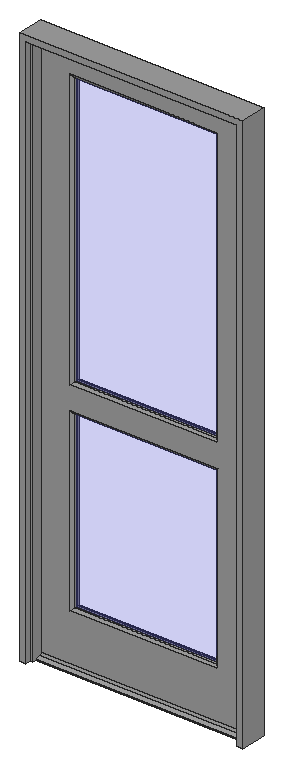
Revit family "WS-500 DOOR-VIP-0.25-CW_v04", category Curtain Panels, Revit 2015 (continued)
Definition of nested family "2.5x6-RTCIG CW-H8533-DHD-OHD SC-DI"
  Lines and regions (in)
    detail lines, in view "Ref. Level", detail levels fine
      curve 272: line (0.69296, -1.28833, 0) -> (0.67696, -1.28833, 0)
      curve 273: line (0.67696, -1.28833, 0) -> (0.66096, -1.28633, 0)
      curve 274: line (0.66096, -1.28633, 0) -> (0.62296, -1.28633, 0)
      curve 275: line (0.62296, -1.28633, 0) -> (0.60096, -1.28433, 0)
      curve 276: line (0.60096, -1.28433, 0) -> (0.56096, -1.28333, 0)
      curve 277: line (0.56096, -1.28333, 0) -> (0.54796, -1.28333, 0)
      curve 278: line (0.54796, -1.33833, 0) -> (0.57896, -1.33533, 0)
      curve 279: line (0.57896, -1.33533, 0) -> (0.61496, -1.33733, 0)
      curve 280: line (0.61496, -1.33733, 0) -> (0.65296, -1.33733, 0)
      curve 281: line (0.65296, -1.33733, 0) -> (0.67496, -1.33733, 0)
      curve 282: line (0.67496, -1.33733, 0) -> (0.69496, -1.33733, 0)
      curve 283: line (0.69496, -1.33733, 0) -> (0.70996, -1.33733, 0)
      curve 284: line (0.70996, -1.33733, 0) -> (0.72596, -1.33933, 0)
      curve 285: line (0.72596, -1.33933, 0) -> (0.73696, -1.33933, 0)
      curve 286: line (0.73696, -1.33933, 0) -> (0.74796, -1.33933, 0)
      curve 287: line (0.74796, -1.33933, 0) -> (0.75896, -1.33933, 0)
      curve 288: line (0.75896, -1.33933, 0) -> (0.77696, -1.33733, 0)
      curve 289: line (0.78096, -1.41933, 0) -> (0.78096, -1.15933, 0)
    detail lines, in view "Ref. Level", detail levels medium
      curve 290: arc (1.65506, -0.328, 0) -> (1.67791, -0.38315, 0) -> (1.73306, -0.406, 0) r 0.078
      curve 291: arc (0.20206, -0.406, 0) -> (0.25722, -0.38315, 0) -> (0.28006, -0.328, 0) r 0.078
      curve 292: arc (0.68756, -1.173, 0) -> (0.71506, -1.2005, 0) -> (0.74256, -1.173, 0) r 0.0275
      curve 293: arc (0.74256, -1.408, 0) -> (0.71506, -1.3805, 0) -> (0.68756, -1.408, 0) r 0.0275
      curve 294: arc (2.00056, -1, 0) -> (1.96239, -1.07442, 0) -> (2.04511, -1.062, 0) r 0.047
      curve 295: arc (0.95295, -1.053, 0) -> (1.03486, -1.07804, 0) -> (0.99956, -1, 0) r 0.047
      curve 296: line (1.73306, -0.406, 0) -> (1.98306, -0.406, 0)
      curve 297: line (1.98306, -0.406, 0) -> (1.98306, -0.375, 0)
      curve 298: line (1.98306, -0.375, 0) -> (3.09256, -0.375, 0)
      curve 299: line (3.09256, -0.375, 0) -> (3.09256, -0.875, 0)
      curve 300: line (3.09256, -0.875, 0) -> (-1.15744, -0.875, 0)
      curve 301: line (-1.15744, -0.875, 0) -> (-1.15744, -0.375, 0)
      curve 302: line (-1.15744, -0.375, 0) -> (-0.04794, -0.375, 0)
      curve 303: line (-0.04794, -0.375, 0) -> (-0.04794, -0.406, 0)
      curve 304: line (-0.04794, -0.406, 0) -> (0.20206, -0.406, 0)
      curve 305: line (0.28006, -0.328, 0) -> (0.03006, -0.328, 0)
      curve 306: line (0.03006, -0.328, 0) -> (0.03006, -0.25, 0)
      curve 307: line (0.03006, -0.25, 0) -> (-1.28244, -0.25, 0)
      curve 308: line (-1.28244, -0.25, 0) -> (-1.28244, -1, 0)
      curve 309: line (-1.28244, -1, 0) -> (3.21756, -1, 0)
      curve 310: line (3.21756, -1, 0) -> (3.21756, -0.25, 0)
      curve 311: line (3.21756, -0.25, 0) -> (1.90506, -0.25, 0)
      curve 312: line (1.90506, -0.25, 0) -> (1.90506, -0.328, 0)
      curve 313: line (1.90506, -0.328, 0) -> (1.65506, -0.328, 0)
      curve 314: line (0.74256, -1.173, 0) -> (0.74256, -1.143, 0)
      curve 315: line (0.74256, -1.143, 0) -> (0.79756, -1.143, 0)
      curve 316: line (0.79756, -1.143, 0) -> (0.79756, -1.438, 0)
      curve 317: line (0.79756, -1.438, 0) -> (0.74256, -1.438, 0)
      curve 318: line (0.74256, -1.438, 0) -> (0.74256, -1.408, 0)
      curve 319: line (0.68756, -1.408, 0) -> (0.68756, -1.5, 0)
      curve 320: line (0.68756, -1.5, 0) -> (2.31256, -1.5, 0)
      curve 321: line (2.31256, -1.5, 0) -> (2.31256, -1, 0)
      curve 322: line (2.31256, -1, 0) -> (2.00056, -1, 0)
      curve 323: line (2.04511, -1.062, 0) -> (2.25056, -1.062, 0)
      curve 324: line (2.25056, -1.062, 0) -> (2.25056, -1.438, 0)
      curve 325: line (2.25056, -1.438, 0) -> (0.85956, -1.438, 0)
      curve 326: line (0.85956, -1.438, 0) -> (0.85956, -1.053, 0)
      curve 327: line (0.85956, -1.053, 0) -> (0.95295, -1.053, 0)
      curve 328: line (0.99956, -1, 0) -> (0.79756, -1, 0)
      curve 329: line (0.79756, -1, 0) -> (0.79756, -1.081, 0)
      curve 330: line (0.79756, -1.081, 0) -> (0.74256, -1.081, 0)
      curve 331: line (0.74256, -1.081, 0) -> (0.74256, -1, 0)
      curve 332: line (0.74256, -1, 0) -> (0.68756, -1, 0)
      curve 333: line (0.68756, -1, 0) -> (0.68756, -1.173, 0)
      curve 334: line (-1.28244, 0, 0) -> (-1.28244, -1, 0)
      curve 335: line (-1.28244, -1, 0) -> (0.68756, -1, 0)
      curve 336: line (0.68756, -1, 0) -> (0.68756, -1.5, 0)
      curve 337: line (0.68756, -1.5, 0) -> (2.31256, -1.5, 0)
      curve 338: line (2.31256, -1.5, 0) -> (2.31256, -1, 0)
      curve 339: line (2.31256, -1, 0) -> (3.21756, -1, 0)
      curve 340: line (3.21756, -1, 0) -> (3.21756, 0, 0)
      curve 341: line (3.21756, 0, 0) -> (-1.28244, 0, 0)
    detail lines, in view "Ref. Level", not visible, detail levels fine
      curve 342: arc (1.65506, -0.328, 0) -> (1.67791, -0.38315, 0) -> (1.73306, -0.406, 0) r 0.078
      curve 343: arc (0.20206, -0.406, 0) -> (0.25722, -0.38315, 0) -> (0.28006, -0.328, 0) r 0.078
      curve 344: arc (0.68756, -1.173, 0) -> (0.71506, -1.2005, 0) -> (0.74256, -1.173, 0) r 0.0275
      curve 345: arc (0.74256, -1.408, 0) -> (0.71506, -1.3805, 0) -> (0.68756, -1.408, 0) r 0.0275
      curve 346: arc (2.00056, -1, 0) -> (1.96239, -1.07442, 0) -> (2.04511, -1.062, 0) r 0.047
      curve 347: arc (0.95295, -1.053, 0) -> (1.03486, -1.07804, 0) -> (0.99956, -1, 0) r 0.047
      curve 348: line (1.73306, -0.406, 0) -> (1.98306, -0.406, 0)
      curve 349: line (1.98306, -0.406, 0) -> (1.98306, -0.375, 0)
      curve 350: line (1.98306, -0.375, 0) -> (3.09256, -0.375, 0)
      curve 351: line (3.09256, -0.375, 0) -> (3.09256, -0.875, 0)
      curve 352: line (3.09256, -0.875, 0) -> (-1.15744, -0.875, 0)
      curve 353: line (-1.15744, -0.875, 0) -> (-1.15744, -0.375, 0)
      curve 354: line (-1.15744, -0.375, 0) -> (-0.04794, -0.375, 0)
      curve 355: line (-0.04794, -0.375, 0) -> (-0.04794, -0.406, 0)
      curve 356: line (-0.04794, -0.406, 0) -> (0.20206, -0.406, 0)
      curve 357: line (0.28006, -0.328, 0) -> (0.03006, -0.328, 0)
      curve 358: line (0.03006, -0.328, 0) -> (0.03006, -0.25, 0)
      curve 359: line (0.03006, -0.25, 0) -> (-1.28244, -0.25, 0)
      curve 360: line (-1.28244, -0.25, 0) -> (-1.28244, -1, 0)
      curve 361: line (-1.28244, -1, 0) -> (3.21756, -1, 0)
      curve 362: line (3.21756, -1, 0) -> (3.21756, -0.25, 0)
      curve 363: line (3.21756, -0.25, 0) -> (1.90506, -0.25, 0)
      curve 364: line (1.90506, -0.25, 0) -> (1.90506, -0.328, 0)
      curve 365: line (1.90506, -0.328, 0) -> (1.65506, -0.328, 0)
      curve 366: line (0.74256, -1.173, 0) -> (0.74256, -1.143, 0)
      curve 367: line (0.74256, -1.143, 0) -> (0.79756, -1.143, 0)
      curve 368: line (0.79756, -1.143, 0) -> (0.79756, -1.438, 0)
      curve 369: line (0.79756, -1.438, 0) -> (0.74256, -1.438, 0)
      curve 370: line (0.74256, -1.438, 0) -> (0.74256, -1.408, 0)
      curve 371: line (0.68756, -1.408, 0) -> (0.68756, -1.5, 0)
      curve 372: line (0.68756, -1.5, 0) -> (2.31256, -1.5, 0)
      curve 373: line (2.31256, -1.5, 0) -> (2.31256, -1, 0)
      curve 374: line (2.31256, -1, 0) -> (2.00056, -1, 0)
      curve 375: line (2.04511, -1.062, 0) -> (2.25056, -1.062, 0)
      curve 376: line (2.25056, -1.062, 0) -> (2.25056, -1.438, 0)
      curve 377: line (2.25056, -1.438, 0) -> (0.85956, -1.438, 0)
      curve 378: line (0.85956, -1.438, 0) -> (0.85956, -1.053, 0)
      curve 379: line (0.85956, -1.053, 0) -> (0.95295, -1.053, 0)
      curve 380: line (0.99956, -1, 0) -> (0.79756, -1, 0)
      curve 381: line (0.79756, -1, 0) -> (0.79756, -1.081, 0)
      curve 382: line (0.79756, -1.081, 0) -> (0.74256, -1.081, 0)
      curve 383: line (0.74256, -1.081, 0) -> (0.74256, -1, 0)
      curve 384: line (0.74256, -1, 0) -> (0.68756, -1, 0)
      curve 385: line (0.68756, -1, 0) -> (0.68756, -1.173, 0)
      curve 386: line (-1.28244, 0, 0) -> (-1.28244, -1, 0)
      curve 387: line (-1.28244, -1, 0) -> (0.68756, -1, 0)
      curve 388: line (0.68756, -1, 0) -> (0.68756, -1.5, 0)
      curve 389: line (0.68756, -1.5, 0) -> (2.31256, -1.5, 0)
      curve 390: line (2.31256, -1.5, 0) -> (2.31256, -1, 0)
      curve 391: line (2.31256, -1, 0) -> (3.21756, -1, 0)
      curve 392: line (3.21756, -1, 0) -> (3.21756, 0, 0)
      curve 393: line (3.21756, 0, 0) -> (-1.28244, 0, 0)
      curve 394: arc (-1.28244, -0.25, 0) -> (-1.26095, -0.125, 0) -> (-1.28244, 0, 0) r 0.37439
      curve 395: arc (3.21756, 0, 0) -> (3.19608, -0.125, 0) -> (3.21756, -0.25, 0) r 0.37439
      curve 396: arc (1.95497, -1.14175, 0) -> (1.95619, -1.1362, 0) -> (1.95482, -1.13068, 0) r 0.0125
      curve 397: arc (1.98284, -1.14139, 0) -> (1.98406, -1.13584, 0) -> (1.9827, -1.13032, 0) r 0.0125
      curve 398: arc (1.01743, -1.13032, 0) -> (1.01607, -1.13584, 0) -> (1.01729, -1.14139, 0) r 0.0125
      curve 399: arc (1.0453, -1.13068, 0) -> (1.04394, -1.1362, 0) -> (1.04516, -1.14175, 0) r 0.0125
      curve 400: arc (1.10681, -1.025, 0) -> (1.10028, -1.02684, 0) -> (1.09567, -1.03182, 0) r 0.0125
      curve 401: arc (1.90446, -1.03183, 0) -> (1.89985, -1.02684, 0) -> (1.89332, -1.025, 0) r 0.0125
      curve 402: line (-1.03244, -0.25, 0) -> (-1.03244, 0, 0)
      curve 403: line (-1.03244, 0, 0) -> (2.96756, 0, 0)
      curve 404: line (2.96756, 0, 0) -> (2.96756, -0.25, 0)
      curve 405: line (2.96756, -0.25, 0) -> (-1.03244, -0.25, 0)
      curve 406: line (-1.03244, -0.25, 0) -> (2.96756, 0, 0)
      curve 407: line (-1.03244, 0, 0) -> (2.96756, -0.25, 0)
      curve 408: line (1.95497, -1.14175, 0) -> (1.89789, -1.26122, 0)
      curve 409: line (1.89789, -1.26122, 0) -> (1.92045, -1.272, 0)
      curve 410: line (1.92045, -1.272, 0) -> (1.98284, -1.14139, 0)
      curve 411: line (1.9827, -1.13032, 0) -> (1.92904, -1.025, 0)
      curve 412: line (1.92904, -1.025, 0) -> (1.95506, -1.025, 0)
      curve 413: line (1.95506, -1.025, 0) -> (1.95506, -1, 0)
      curve 414: line (1.95506, -1, 0) -> (1.04506, -1, 0)
      curve 415: line (1.04506, -1, 0) -> (1.04506, -1.025, 0)
      curve 416: line (1.04506, -1.025, 0) -> (1.07109, -1.025, 0)
      curve 417: line (1.07109, -1.025, 0) -> (1.01743, -1.13032, 0)
      curve 418: line (1.01729, -1.14139, 0) -> (1.07968, -1.272, 0)
      curve 419: line (1.07968, -1.272, 0) -> (1.10224, -1.26122, 0)
      curve 420: line (1.10224, -1.26122, 0) -> (1.04516, -1.14175, 0)
      curve 421: line (1.0453, -1.13068, 0) -> (1.09567, -1.03182, 0)
      curve 422: line (1.10681, -1.025, 0) -> (1.89332, -1.025, 0)
      curve 423: line (1.90446, -1.03183, 0) -> (1.95482, -1.13068, 0)
      curve 424: line (0.54796, -1.18033, 0) -> (0.56296, -1.18633, 0)
      curve 425: line (0.56296, -1.18633, 0) -> (0.57696, -1.19533, 0)
      curve 426: line (0.57696, -1.19533, 0) -> (0.60296, -1.19933, 0)
      curve 427: line (0.60296, -1.19933, 0) -> (0.62096, -1.20333, 0)
      curve 428: line (0.62096, -1.20333, 0) -> (0.65696, -1.20433, 0)
      curve 429: line (0.65696, -1.20433, 0) -> (0.67296, -1.20633, 0)
      curve 430: line (0.67296, -1.20633, 0) -> (0.69296, -1.20833, 0)
      curve 431: line (0.69296, -1.20833, 0) -> (0.69696, -1.21433, 0)
      curve 432: line (0.69696, -1.21433, 0) -> (0.70996, -1.20833, 0)
      curve 433: line (0.70996, -1.20833, 0) -> (0.69696, -1.21433, 0)
      curve 434: line (0.55396, -1.35233, 0) -> (0.58296, -1.35233, 0)
      curve 435: line (0.58296, -1.35233, 0) -> (0.60796, -1.35233, 0)
      curve 436: line (0.60796, -1.35233, 0) -> (0.62496, -1.35433, 0)
      curve 437: line (0.62496, -1.35433, 0) -> (0.65696, -1.35433, 0)
      curve 438: line (0.65696, -1.35433, 0) -> (0.67696, -1.35533, 0)
      curve 439: line (0.67696, -1.35533, 0) -> (0.70396, -1.36133, 0)
      curve 440: line (0.70396, -1.36133, 0) -> (0.67496, -1.36433, 0)
      curve 441: line (0.67496, -1.36433, 0) -> (0.68996, -1.37033, 0)
      curve 442: line (0.68996, -1.37033, 0) -> (0.67296, -1.36633, 0)
      curve 443: line (0.67296, -1.36633, 0) -> (0.65096, -1.36833, 0)
      curve 444: line (0.65096, -1.36833, 0) -> (0.58796, -1.37733, 0)
      curve 445: line (0.58796, -1.37733, 0) -> (0.60596, -1.37733, 0)
      curve 446: line (0.60596, -1.37733, 0) -> (0.61696, -1.37533, 0)
      curve 447: line (0.61696, -1.37533, 0) -> (0.63196, -1.37433, 0)
      curve 448: line (0.63196, -1.37433, 0) -> (0.65896, -1.37233, 0)
      curve 449: line (0.65896, -1.37233, 0) -> (0.67896, -1.37033, 0)
      curve 450: line (0.67896, -1.37033, 0) -> (0.65296, -1.36633, 0)
      curve 451: line (0.65296, -1.36633, 0) -> (0.62296, -1.36633, 0)
      curve 452: line (0.62296, -1.36633, 0) -> (0.58996, -1.36433, 0)
      curve 453: line (0.58996, -1.36433, 0) -> (0.54796, -1.36933, 0)
      curve 454: line (0.57196, -1.38433, 0) -> (0.58996, -1.38133, 0)
      curve 455: line (0.58996, -1.38133, 0) -> (0.54796, -1.38833, 0)
      curve 456: line (0.54796, -1.38833, 0) -> (0.57196, -1.38433, 0)
      curve 457: line (0.54996, -1.24133, 0) -> (0.56796, -1.23933, 0)
      curve 458: line (0.56796, -1.23933, 0) -> (0.58096, -1.23733, 0)
      curve 459: line (0.58096, -1.23733, 0) -> (0.59396, -1.23533, 0)
      curve 460: line (0.59396, -1.23533, 0) -> (0.61496, -1.23533, 0)
      curve 461: line (0.61496, -1.23533, 0) -> (0.62796, -1.23533, 0)
      curve 462: line (0.62796, -1.23533, 0) -> (0.65696, -1.23733, 0)
      curve 463: line (0.65696, -1.23733, 0) -> (0.67096, -1.23733, 0)
      curve 464: line (0.67096, -1.23733, 0) -> (0.67896, -1.23933, 0)
      curve 465: line (0.67896, -1.23933, 0) -> (0.69696, -1.24133, 0)
      curve 466: line (0.69696, -1.24133, 0) -> (0.71096, -1.24433, 0)
      curve 467: line (0.71096, -1.24433, 0) -> (0.72796, -1.25233, 0)
      curve 468: line (0.72796, -1.25233, 0) -> (0.74196, -1.25233, 0)
      curve 469: line (0.74196, -1.25233, 0) -> (0.72596, -1.24433, 0)
      curve 470: line (0.72596, -1.24433, 0) -> (0.71096, -1.25033, 0)
      curve 471: line (0.71096, -1.25033, 0) -> (0.70196, -1.25033, 0)
      curve 472: line (0.70196, -1.25033, 0) -> (0.68596, -1.25033, 0)
      curve 473: line (0.68596, -1.25033, 0) -> (0.67096, -1.24633, 0)
      curve 474: line (0.67096, -1.24633, 0) -> (0.65496, -1.24633, 0)
      curve 475: line (0.65496, -1.24633, 0) -> (0.62296, -1.24633, 0)
      curve 476: line (0.62296, -1.24633, 0) -> (0.60596, -1.24633, 0)
      curve 477: line (0.60596, -1.24633, 0) -> (0.59396, -1.24633, 0)
      curve 478: line (0.59396, -1.24633, 0) -> (0.54796, -1.25433, 0)
      curve 479: line (0.54996, -1.20833, 0) -> (0.56096, -1.20833, 0)
      curve 480: line (0.56096, -1.20833, 0) -> (0.58096, -1.20833, 0)
      curve 481: line (0.58096, -1.20833, 0) -> (0.59196, -1.20633, 0)
      curve 482: line (0.59196, -1.20633, 0) -> (0.59896, -1.20633, 0)
      curve 483: line (0.59896, -1.20633, 0) -> (0.60596, -1.20833, 0)
      curve 484: line (0.60596, -1.20833, 0) -> (0.62296, -1.21433, 0)
      curve 485: line (0.62296, -1.21433, 0) -> (0.65496, -1.21233, 0)
      curve 486: line (0.65496, -1.21233, 0) -> (0.66196, -1.21033, 0)
      curve 487: line (0.66196, -1.21033, 0) -> (0.67096, -1.21233, 0)
      curve 488: line (0.67096, -1.21233, 0) -> (0.68096, -1.21233, 0)
      curve 489: line (0.68096, -1.21233, 0) -> (0.68996, -1.21233, 0)
      curve 490: line (0.74596, -1.21033, 0) -> (0.73496, -1.21033, 0)
      curve 491: line (0.73496, -1.21033, 0) -> (0.74196, -1.21033, 0)
      curve 492: line (0.74196, -1.21033, 0) -> (0.75296, -1.21033, 0)
      curve 493: line (0.75296, -1.21033, 0) -> (0.76396, -1.21033, 0)
      curve 494: line (0.76396, -1.21033, 0) -> (0.77496, -1.20633, 0)
      curve 495: line (0.77896, -1.20633, 0) -> (0.76796, -1.20633, 0)
      curve 496: line (0.76796, -1.20633, 0) -> (0.76096, -1.20633, 0)
      curve 497: line (0.76096, -1.20633, 0) -> (0.75296, -1.20833, 0)
      curve 498: line (0.75296, -1.20833, 0) -> (0.74596, -1.21033, 0)
      curve 499: line (0.78096, -1.27033, 0) -> (0.76996, -1.27233, 0)
      curve 500: line (0.76996, -1.27233, 0) -> (0.75496, -1.27433, 0)
      curve 501: line (0.75496, -1.27433, 0) -> (0.74396, -1.27433, 0)
      curve 502: line (0.74396, -1.27433, 0) -> (0.73496, -1.27433, 0)
      curve 503: line (0.73496, -1.27433, 0) -> (0.71496, -1.27433, 0)
      curve 504: line (0.71496, -1.27433, 0) -> (0.69696, -1.27433, 0)
      curve 505: line (0.69696, -1.27433, 0) -> (0.67496, -1.27033, 0)
      curve 506: line (0.67496, -1.27033, 0) -> (0.65696, -1.27033, 0)
      curve 507: line (0.65696, -1.27033, 0) -> (0.60996, -1.27033, 0)
      curve 508: line (0.60996, -1.27033, 0) -> (0.57396, -1.27033, 0)
      curve 509: line (0.57396, -1.27033, 0) -> (0.54796, -1.26833, 0)
      curve 510: line (0.54796, -1.26133, 0) -> (0.56796, -1.26133, 0)
      curve 511: line (0.56796, -1.26133, 0) -> (0.59696, -1.26133, 0)
      curve 512: line (0.59696, -1.26133, 0) -> (0.62496, -1.26133, 0)
      curve 513: line (0.62496, -1.26133, 0) -> (0.66796, -1.26333, 0)
      curve 514: line (0.66796, -1.26333, 0) -> (0.70096, -1.26433, 0)
      curve 515: line (0.70096, -1.26433, 0) -> (0.71896, -1.26333, 0)
      curve 516: line (0.71896, -1.26333, 0) -> (0.73296, -1.26333, 0)
      curve 517: line (0.73296, -1.26333, 0) -> (0.75096, -1.26333, 0)
      curve 518: line (0.75096, -1.26333, 0) -> (0.76096, -1.26333, 0)
      curve 519: line (0.76096, -1.26333, 0) -> (0.76796, -1.26333, 0)
      curve 520: line (0.76796, -1.26333, 0) -> (0.78096, -1.26333, 0)
      curve 521: line (0.78096, -1.25133, 0) -> (0.76996, -1.25033, 0)
      curve 522: line (0.76996, -1.25033, 0) -> (0.76196, -1.25033, 0)
      curve 523: line (0.76196, -1.25033, 0) -> (0.75096, -1.25233, 0)
      curve 524: line (0.75096, -1.25233, 0) -> (0.74196, -1.25233, 0)
      curve 525: line (0.74196, -1.25233, 0) -> (0.74996, -1.24833, 0)
      curve 526: line (0.74996, -1.24833, 0) -> (0.76396, -1.24633, 0)
      curve 527: line (0.76396, -1.24633, 0) -> (0.77496, -1.24333, 0)
      curve 528: line (0.76996, -1.22433, 0) -> (0.75496, -1.22433, 0)
      curve 529: line (0.75496, -1.22433, 0) -> (0.74196, -1.22633, 0)
      curve 530: line (0.74196, -1.22633, 0) -> (0.73296, -1.22633, 0)
      curve 531: line (0.73296, -1.22633, 0) -> (0.70996, -1.22433, 0)
      curve 532: line (0.70996, -1.22433, 0) -> (0.69896, -1.22333, 0)
      curve 533: line (0.69896, -1.22333, 0) -> (0.67696, -1.22433, 0)
      curve 534: line (0.67696, -1.22433, 0) -> (0.65296, -1.22333, 0)
      curve 535: line (0.65296, -1.22333, 0) -> (0.62296, -1.22333, 0)
      curve 536: line (0.62296, -1.22333, 0) -> (0.59896, -1.22133, 0)
      curve 537: line (0.59896, -1.22133, 0) -> (0.58096, -1.22133, 0)
      curve 538: line (0.58096, -1.22133, 0) -> (0.56096, -1.22133, 0)
      curve 539: line (0.56096, -1.22133, 0) -> (0.54796, -1.22233, 0)
      curve 540: line (0.73496, -1.21033, 0) -> (0.71896, -1.21233, 0)
      curve 541: line (0.71896, -1.21233, 0) -> (0.70996, -1.20833, 0)
      curve 542: line (0.70996, -1.20833, 0) -> (0.72396, -1.20833, 0)
      curve 543: line (0.72396, -1.20833, 0) -> (0.73296, -1.21233, 0)
      curve 544: line (0.73296, -1.37433, 0) -> (0.74396, -1.37433, 0)
      curve 545: line (0.74396, -1.37433, 0) -> (0.76096, -1.37433, 0)
      curve 546: line (0.76096, -1.37433, 0) -> (0.77296, -1.37433, 0)
      curve 547: line (0.78096, -1.37033, 0) -> (0.77096, -1.37033, 0)
      curve 548: line (0.77096, -1.37033, 0) -> (0.75496, -1.37033, 0)
      curve 549: line (0.75496, -1.37033, 0) -> (0.74796, -1.36833, 0)
      curve 550: line (0.74796, -1.36833, 0) -> (0.74096, -1.36833, 0)
      curve 551: line (0.74096, -1.36833, 0) -> (0.72996, -1.36633, 0)
      curve 552: line (0.72996, -1.36633, 0) -> (0.71496, -1.36633, 0)
      curve 553: line (0.71496, -1.36633, 0) -> (0.70396, -1.36633, 0)
      curve 554: line (0.70396, -1.36633, 0) -> (0.68996, -1.37033, 0)
      curve 555: line (0.68996, -1.37033, 0) -> (0.70596, -1.37233, 0)
      curve 556: line (0.70596, -1.37233, 0) -> (0.72096, -1.37233, 0)
      curve 557: line (0.72096, -1.37233, 0) -> (0.73296, -1.37433, 0)
      curve 558: line (0.75896, -1.35433, 0) -> (0.74796, -1.35033, 0)
      curve 559: line (0.74796, -1.35033, 0) -> (0.76396, -1.34633, 0)
      curve 560: line (0.76396, -1.34633, 0) -> (0.77296, -1.34633, 0)
      curve 561: line (0.77296, -1.34633, 0) -> (0.78096, -1.34833, 0)
      curve 562: line (0.78096, -1.34833, 0) -> (0.77296, -1.35433, 0)
      curve 563: line (0.77296, -1.35433, 0) -> (0.76596, -1.35433, 0)
      curve 564: line (0.76596, -1.35433, 0) -> (0.75896, -1.35433, 0)
      curve 565: line (0.54796, -1.31033, 0) -> (0.55896, -1.31033, 0)
      curve 566: line (0.55896, -1.31033, 0) -> (0.58796, -1.30833, 0)
      curve 567: line (0.58796, -1.30833, 0) -> (0.61496, -1.30833, 0)
      curve 568: line (0.61496, -1.30833, 0) -> (0.62796, -1.30833, 0)
      curve 569: line (0.62796, -1.30833, 0) -> (0.66196, -1.31033, 0)
      curve 570: line (0.66196, -1.31033, 0) -> (0.68096, -1.31233, 0)
      curve 571: line (0.68096, -1.31233, 0) -> (0.69896, -1.31433, 0)
      curve 572: line (0.69896, -1.31433, 0) -> (0.72096, -1.31433, 0)
      curve 573: line (0.72096, -1.31433, 0) -> (0.73696, -1.31433, 0)
      curve 574: line (0.73696, -1.31433, 0) -> (0.75896, -1.31433, 0)
      curve 575: line (0.75896, -1.31433, 0) -> (0.76596, -1.31433, 0)
      curve 576: line (0.76596, -1.31433, 0) -> (0.77896, -1.31033, 0)
      curve 577: line (0.54796, -1.32333, 0) -> (0.57896, -1.32133, 0)
      curve 578: line (0.57896, -1.32133, 0) -> (0.60496, -1.31933, 0)
      curve 579: line (0.60496, -1.31933, 0) -> (0.61896, -1.31933, 0)
      curve 580: line (0.61896, -1.31933, 0) -> (0.66196, -1.31933, 0)
      curve 581: line (0.66196, -1.31933, 0) -> (0.67696, -1.32133, 0)
      curve 582: line (0.67696, -1.32133, 0) -> (0.70096, -1.32133, 0)
      curve 583: line (0.70096, -1.32133, 0) -> (0.71496, -1.32133, 0)
      curve 584: line (0.71496, -1.32133, 0) -> (0.73496, -1.32133, 0)
      curve 585: line (0.73496, -1.32133, 0) -> (0.75096, -1.32333, 0)
      curve 586: line (0.75096, -1.32333, 0) -> (0.76196, -1.32433, 0)
      curve 587: line (0.76196, -1.32433, 0) -> (0.77096, -1.32433, 0)
      curve 588: line (0.77096, -1.32433, 0) -> (0.78096, -1.32433, 0)
      curve 589: line (0.73296, -1.35433, 0) -> (0.74796, -1.35433, 0)
      curve 590: line (0.74796, -1.35433, 0) -> (0.72596, -1.35733, 0)
      curve 591: line (0.72596, -1.35733, 0) -> (0.73296, -1.35433, 0)
      curve 592: line (0.71296, -1.35533, 0) -> (0.70396, -1.36133, 0)
      curve 593: line (0.70396, -1.36133, 0) -> (0.72596, -1.35733, 0)
      curve 594: line (0.72596, -1.35733, 0) -> (0.71296, -1.35533, 0)
      curve 595: line (0.54796, -1.29533, 0) -> (0.57696, -1.29533, 0)
      curve 596: line (0.57696, -1.29533, 0) -> (0.60996, -1.29533, 0)
      curve 597: line (0.60996, -1.29533, 0) -> (0.65296, -1.29533, 0)
      curve 598: line (0.65296, -1.29533, 0) -> (0.67296, -1.29533, 0)
      curve 599: line (0.67296, -1.29533, 0) -> (0.69896, -1.29933, 0)
      curve 600: line (0.69896, -1.29933, 0) -> (0.70796, -1.29933, 0)
      curve 601: line (0.70796, -1.29933, 0) -> (0.72096, -1.30133, 0)
      curve 602: line (0.72096, -1.30133, 0) -> (0.73296, -1.30133, 0)
      curve 603: line (0.73296, -1.30133, 0) -> (0.74396, -1.30133, 0)
      curve 604: line (0.74396, -1.30133, 0) -> (0.75296, -1.30133, 0)
      curve 605: line (0.75296, -1.30133, 0) -> (0.76996, -1.29933, 0)
      curve 606: line (0.76996, -1.29933, 0) -> (0.77696, -1.29933, 0)
      curve 607: line (0.77696, -1.29933, 0) -> (0.77696, -1.2896, 0)
      curve 608: line (0.78096, -1.28933, 0) -> (0.76596, -1.29033, 0)
      curve 609: line (0.76596, -1.29033, 0) -> (0.75496, -1.29033, 0)
      curve 610: line (0.75496, -1.29033, 0) -> (0.74096, -1.29233, 0)
      curve 611: line (0.74096, -1.29233, 0) -> (0.70996, -1.28833, 0)
      curve 612: line (0.70996, -1.28833, 0) -> (0.69296, -1.28833, 0)
      curve 613: line (0.69296, -1.28833, 0) -> (0.67696, -1.28833, 0)
      curve 614: line (0.67696, -1.28833, 0) -> (0.66096, -1.28633, 0)
      curve 615: line (0.66096, -1.28633, 0) -> (0.62296, -1.28633, 0)
      curve 616: line (0.62296, -1.28633, 0) -> (0.60096, -1.28433, 0)
      curve 617: line (0.60096, -1.28433, 0) -> (0.56096, -1.28333, 0)
      curve 618: line (0.56096, -1.28333, 0) -> (0.54796, -1.28333, 0)
      curve 619: line (0.54796, -1.33833, 0) -> (0.57896, -1.33533, 0)
      curve 620: line (0.57896, -1.33533, 0) -> (0.61496, -1.33733, 0)
      curve 621: line (0.61496, -1.33733, 0) -> (0.65296, -1.33733, 0)
      curve 622: line (0.65296, -1.33733, 0) -> (0.67496, -1.33733, 0)
      curve 623: line (0.67496, -1.33733, 0) -> (0.69496, -1.33733, 0)
      curve 624: line (0.69496, -1.33733, 0) -> (0.70996, -1.33733, 0)
      curve 625: line (0.70996, -1.33733, 0) -> (0.72596, -1.33933, 0)
      curve 626: line (0.72596, -1.33933, 0) -> (0.73696, -1.33933, 0)
      curve 627: line (0.73696, -1.33933, 0) -> (0.74796, -1.33933, 0)
      curve 628: line (0.74796, -1.33933, 0) -> (0.75896, -1.33933, 0)
      curve 629: line (0.75896, -1.33933, 0) -> (0.77696, -1.33733, 0)
      curve 630: line (0.78096, -1.41933, 0) -> (0.78096, -1.15933, 0)
    detail lines, in view "Ref. Level", not visible, detail levels medium
      curve 631: arc (8.63801, -2.3397, 0) -> (8.66086, -2.39486, 0) -> (8.71601, -2.4177, 0) r 0.078
      curve 632: arc (7.18501, -2.4177, 0) -> (7.24017, -2.39486, 0) -> (7.26301, -2.3397, 0) r 0.078
      curve 633: arc (7.67051, -3.1847, 0) -> (7.69801, -3.2122, 0) -> (7.72551, -3.1847, 0) r 0.0275
      curve 634: arc (7.72551, -3.4197, 0) -> (7.69801, -3.3922, 0) -> (7.67051, -3.4197, 0) r 0.0275
      curve 635: arc (8.98351, -3.0117, 0) -> (8.94534, -3.08613, 0) -> (9.02805, -3.0737, 0) r 0.047
      curve 636: arc (7.9359, -3.0647, 0) -> (8.0178, -3.08974, 0) -> (7.98251, -3.0117, 0) r 0.047
      curve 637: line (8.71601, -2.4177, 0) -> (8.96601, -2.4177, 0)
      curve 638: line (8.96601, -2.4177, 0) -> (8.96601, -2.3867, 0)
      curve 639: line (8.96601, -2.3867, 0) -> (10.07551, -2.3867, 0)
      curve 640: line (10.07551, -2.3867, 0) -> (10.07551, -2.8867, 0)
      curve 641: line (10.07551, -2.8867, 0) -> (5.82551, -2.8867, 0)
      curve 642: line (5.82551, -2.8867, 0) -> (5.82551, -2.3867, 0)
      curve 643: line (5.82551, -2.3867, 0) -> (6.93501, -2.3867, 0)
      curve 644: line (6.93501, -2.3867, 0) -> (6.93501, -2.4177, 0)
      curve 645: line (6.93501, -2.4177, 0) -> (7.18501, -2.4177, 0)
      curve 646: line (7.26301, -2.3397, 0) -> (7.01301, -2.3397, 0)
      curve 647: line (7.01301, -2.3397, 0) -> (7.01301, -2.2617, 0)
      curve 648: line (7.01301, -2.2617, 0) -> (5.70051, -2.2617, 0)
      curve 649: line (5.70051, -2.2617, 0) -> (5.70051, -3.0117, 0)
      curve 650: line (5.70051, -3.0117, 0) -> (10.20051, -3.0117, 0)
      curve 651: line (10.20051, -3.0117, 0) -> (10.20051, -2.2617, 0)
      curve 652: line (10.20051, -2.2617, 0) -> (8.88801, -2.2617, 0)
      curve 653: line (8.88801, -2.2617, 0) -> (8.88801, -2.3397, 0)
      curve 654: line (8.88801, -2.3397, 0) -> (8.63801, -2.3397, 0)
      curve 655: line (7.72551, -3.1847, 0) -> (7.72551, -3.1547, 0)
      curve 656: line (7.72551, -3.1547, 0) -> (7.78051, -3.1547, 0)
      curve 657: line (7.78051, -3.1547, 0) -> (7.78051, -3.4497, 0)
      curve 658: line (7.78051, -3.4497, 0) -> (7.72551, -3.4497, 0)
      curve 659: line (7.72551, -3.4497, 0) -> (7.72551, -3.4197, 0)
      curve 660: line (7.67051, -3.4197, 0) -> (7.67051, -3.5117, 0)
      curve 661: line (7.67051, -3.5117, 0) -> (9.29551, -3.5117, 0)
      curve 662: line (9.29551, -3.5117, 0) -> (9.29551, -3.0117, 0)
      curve 663: line (9.29551, -3.0117, 0) -> (8.98351, -3.0117, 0)
      curve 664: line (9.02805, -3.0737, 0) -> (9.23351, -3.0737, 0)
      curve 665: line (9.23351, -3.0737, 0) -> (9.23351, -3.4497, 0)
      curve 666: line (9.23351, -3.4497, 0) -> (7.84251, -3.4497, 0)
      curve 667: line (7.84251, -3.4497, 0) -> (7.84251, -3.0647, 0)
      curve 668: line (7.84251, -3.0647, 0) -> (7.9359, -3.0647, 0)
      curve 669: line (7.98251, -3.0117, 0) -> (7.78051, -3.0117, 0)
      curve 670: line (7.78051, -3.0117, 0) -> (7.78051, -3.0927, 0)
      curve 671: line (7.78051, -3.0927, 0) -> (7.72551, -3.0927, 0)
      curve 672: line (7.72551, -3.0927, 0) -> (7.72551, -3.0117, 0)
      curve 673: line (7.72551, -3.0117, 0) -> (7.67051, -3.0117, 0)
      curve 674: line (7.67051, -3.0117, 0) -> (7.67051, -3.1847, 0)
      curve 675: line (5.70051, -2.0117, 0) -> (5.70051, -3.0117, 0)
      curve 676: line (5.70051, -3.0117, 0) -> (7.67051, -3.0117, 0)
      curve 677: line (7.67051, -3.0117, 0) -> (7.67051, -3.5117, 0)
      curve 678: line (7.67051, -3.5117, 0) -> (9.29551, -3.5117, 0)
      curve 679: line (9.29551, -3.5117, 0) -> (9.29551, -3.0117, 0)
      curve 680: line (9.29551, -3.0117, 0) -> (10.20051, -3.0117, 0)
      curve 681: line (10.20051, -3.0117, 0) -> (10.20051, -2.0117, 0)
      curve 682: line (10.20051, -2.0117, 0) -> (5.70051, -2.0117, 0)
  Dimensions and locks (in)
    aligned and locked: curve 334 to curve 45
    aligned and locked: import instance to curve 340
    aligned and locked: import instance to plane 1 "Center (Front/Back)"
